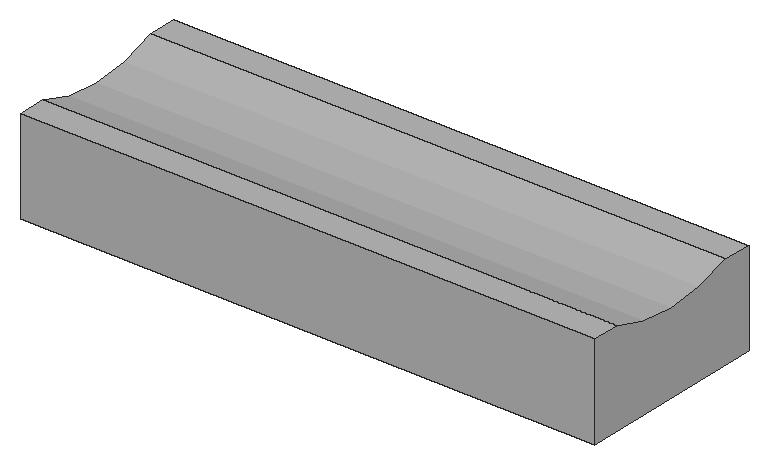
Revit family "K205 12x6 Channel Kerb", category Generic Models, Revit 2020
Family settings
  Can host rebar = No
  Round Connector Dimension = Use Diameter
  Part Type = Normal
  Work Plane-Based = No
  Always vertical = Yes
  Cut with Voids When Loaded = No
  Shared = No
  Room Calculation Point = No
Parameters
  Weight = "94Kg."
  Warranty Guarantor Parts = "n/a"
  Warranty Guarantor Labour = "n/a"
  Warranty Duration Unit = "n/a"
  Warranty Duration Parts = "n/a"
  Warranty Duration Labour = "n/a"
  Warranty Description = "n/a"
  Unit Width [instance] = 305 mm
  Unit Length [instance] = 914 mm
  Unit Height [instance] = 150 mm
  URL = "www.killeshal.com"
  Types = "Single"
  Type Comments = "Visit our website for a full list of available products."
  Sustainability Performance = "n/a"
  Structural Class = "n/a"
  Span = "Length."
  Slope = "0.00°"
  Size = "305 Wide x 150 High x 914mm Long."
  Shape = "As per drawing"
  Service Life = "0.000000"
  Serial Number = "n/a"
  Resistance to Fire = "n/a"
  Replacement Cost = "n/a"
  Reference = "n/a"
  Notified Body = "n/a"
  Nominal Cover to Main Bar = "n/a"
  Model = "K/205 Kerb."
  Mechanical Resistance = "n/a"
  Manufacturer = "Killeshal Precast Concrete Ltd."
  Load Bearing = no
  Life Cycle Environmental Load = "n/a"
  Length Options = "914mm."
  Keynote = "The information contained is the sole property of KPC Ltd., any reproduction in part or whole without permission of KPC Ltd. is prohibited."
  Environmental Product Declaration = "n/a"
  Environmental Class = "n/a"
  Durability against Corrosion = "n/a"
  Dimension Accuracy Class = "I.S. EN 1340:2003"
  Detailing = "As per design specification and product drawings."
  Description = "12\" x 6\" Shallow Channel Kerb."
  Default Elevation = 0 mm
  Dangerous Substances = "n/a"
  Contact Tel = "0035357 9353018"
  Contact Email = "sales@killeshal.com"
  Construction Type = "Precast"
  Construction Tolerance Class = "I.S. EN 1340:2003"
  Compressive Strength of Concrete = "n/a"
  Characteristics of Reinforcing Steel = "n/a"
  Characteristics Deflection Under Load = "n/a"
Reference planes
  plane 1 "Center (Front/Back)": y = 0
  plane 2: z = 0
  plane 3 "Center (Left/Right)": x = 0
  plane 4 "Rear": y = 152.5
  plane 5 "Front": y = -152.5
  plane 6 "Center L/W": z = 150
  plane 7 "Center L/Z": z = 128
  plane 8 "Center L/AA": y = 107.5
  plane 9 "Center L/BB": y = -107.5
Forms (mm)
  Extrusion 1, solid, material "Precast Concrete (KPC)"
    sketch origin (0, 0, 0) x (0, 1, 0) y (0, 0, 1)
      loop
        line (152.5, 0) -> (152.5, 150) -> (107.573, 150)
        arc (107.573, 150) -> (0, 128) -> (-107.573, 150) r 274
        line (-107.573, 150) -> (-152.5, 150) -> (-152.5, 0) -> (152.5, 0)
    from 0 to 914
Dimensions and locks
  "Unit Length": Extrusion 1 to Extrusion 1
  "Unit Width": Extrusion 1 to Extrusion 1
  "Unit Height": Extrusion 1 to Extrusion 1
  plane 6 "Center L/W" to plane 7 "Center L/Z" = 22 mm
  plane 4 "Rear" to plane 8 "Center L/AA" = 45 mm
  plane 9 "Center L/BB" to Extrusion 1 = 45 mm
  radius of Extrusion 1 = 274 mm
  aligned and locked: level to plane 2
Automatic sketch dimensions
  Extrusion 1 sketch curve to level = 0 mm
  Extrusion 1 sketch curve to plane 5 "Front" = 0 mm
  Extrusion 1 sketch curve to plane 6 "Center L/W" = 0 mm  (x3)
  Extrusion 1 sketch curve to plane 1 "Center (Front/Back)" = 0 mm
  Extrusion 1 sketch curve to plane 4 "Rear" = 0 mm
  Extrusion 1 sketch curve to plane 9 "Center L/BB" = 0.073 mm
  plane 6 "Center L/W" to Extrusion 1 sketch curve = 252 mm
